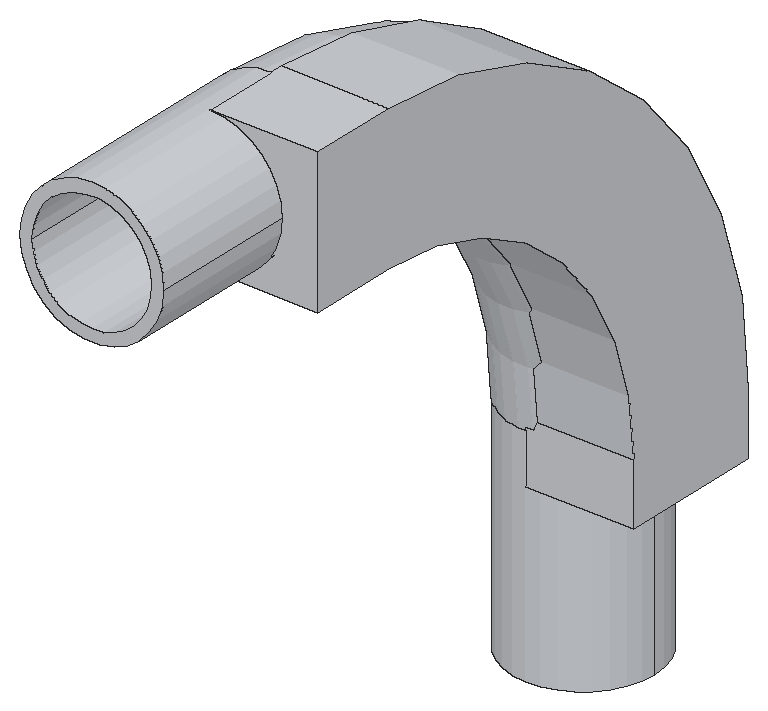
Revit family "PIB20W", category Generic Models, Revit 2017
Family settings
  Can host rebar = No
  Round Connector Dimension = Use Diameter
  Part Type = Normal
  Work Plane-Based = Yes
  Always vertical = No
  Cut with Voids When Loaded = No
  Shared = No
  Room Calculation Point = No
Parameters (values of type "NBS Standard Parameters")
  Weight = "0.0435Kg"
  WarrantyStartDate [instance] = "1900-12-31T23:59:59"
  WarrantyGuarantorParts = "n/a"
  WarrantyGuarantorLabor = "n/a"
  WarrantyDurationUnit = "1 year"
  WarrantyDurationParts = "n/a"
  WarrantyDurationLabor = "n/a"
  WarrantyDescription = "n/a"
  Version = "1"
  Uniclass2 = "Pr_65_70_11_20"
  TagNumber [instance] = "n/a"
  SustainabilityPerformance = "n/a"
  Size = "20mm"
  Shape = "Circular"
  SerialNumber [instance] = "n/a"
  Revision = "n/a"
  ReplacementCost = "n/a"
  ProductInformation = "www.metpro.co.uk/pdf/pib20w.pdf"
  NominalWidth = 112 mm
  NominalLength = 112 mm
  NominalHeight = 30 mm
  Name = ""
  NBSTypeID = ""
  NBSReference = "90-55-10/460"
  NBSOfficeMasterTag = ""
  NBSNote = ""
  NBSDescription = "Conduit Fittings"
  NBSCertification = ""
  ModelReference = "PIB20W"
  ModelNumber = "n/a"
  Material = "PVC"
  ManufacturerURL = "www.metpro.co.uk"
  ManufacturerName = "Metpro Ltd"
  Keynote = "Manufactured to BS4607 Part 1"
  InstallationDate [instance] = "1900-12-31T23:59:59"
  IfcExportType = ""
  IfcExportAs = ""
  Grade = "n/a"
  Finish = "White"
  Features = "n/a"
  ExpectedLife = "n/a"
  DurationUnit = "year"
  Description = "PIB20W -PVC 20mm Conduit Inspection Bend"
  Default Elevation = 1219.2 mm
  Constituents = "n/a"
  Color = "n/a"
  CodePerformance = "n/a"
  Category = "n/a"
  BarCode [instance] = "n/a"
  BIMObjectName = "Metpro_metprolibrary_conduitfittings_pvccommponent_accessory"
  Author = "Metpro Ltd"
  AssetType = ""
  AssetIdentifier [instance] = "n/a"
  AccessibilityPerformance = "n/a"
Reference planes
  plane 1 "Center (Front/Back)": y = 0
  plane 2: z = 0
  plane 3 "Center (Left/Right)": x = 0
Forms (mm)
  Sweep 1, solid
    path origin (-10609.448, 178.929, 19.232) x (0, 1, 0) y (0, 0, 1)
      loop
        line (-18.392, 33.336) -> (19.108, 33.336)
        arc (19.108, 33.336) -> (65.07, 14.298) -> (84.108, -31.664) r 65
        line (84.108, -31.664) -> (84.108, -69.164)
    profile origin (-10609.448, 179.288, 52.568) x (0, 0, 1) y (1, 0, 0)
      loop
        circle (0, 0) r 12
      loop
        circle (0, 0) r 10
  Extrusion 2, solid
    sketch origin (-10609.448, 178.929, 19.232) x (0, 1, 0) y (0, 0, 1)
      loop
        line (6.202, 21.336) -> (21.108, 21.336)
        arc (21.108, 21.336) -> (57.171, 6.398) -> (72.108, -29.664) r 51
        line (72.108, -29.664) -> (72.108, -39.979) -> (96.108, -39.979) -> (96.108, -29.664)
        arc (96.108, -29.664) -> (74.141, 23.369) -> (21.108, 45.336) r 75
        line (21.108, 45.336) -> (6.202, 45.336) -> (6.202, 21.336)
    from 0 to 18
  Sweep 3, void
    path origin (-10609.448, 178.929, 19.232) x (0, 1, 0) y (0, 0, 1)
      loop
        line (-18.392, 33.336) -> (19.108, 33.336)
        arc (19.108, 33.336) -> (65.07, 14.298) -> (84.108, -31.664) r 65
        line (84.108, -31.664) -> (84.108, -69.164)
    profile origin (-10609.448, 179.288, 52.568) x (0, 0, 1) y (1, 0, 0)
      loop
        circle (0, 0) r 10
Cuts and joins
  Sweep 3 cuts Sweep 1
  Sweep 3 cuts Extrusion 2
Dimensions and locks
  aligned and locked: level to plane 2
